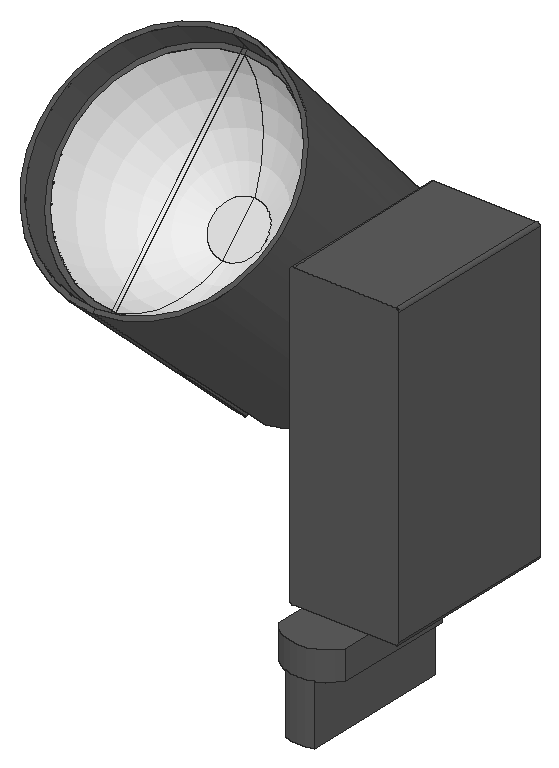
Revit family "0004846 Feilo Sylvania Lighting Fixture START TRACK SPOT L 55W 3K RA80 WB BLACK", category Lighting Fixtures, host Face, Revit 2017
Family settings
  Host = Face
  Round Connector Dimension = Use Diameter
  Part Type = Normal
  OmniClass Number = 23.80.70.00
  OmniClass Title = Lighting
  Cut with Voids When Loaded = No
  Light Source = No
  Shared = No
  Room Calculation Point = No
Parameters (values of type "0004846 START TRACK SPOT L 55W 3K RA80 WB BLACK")
  Weight = "1.398 kg"
  Wattage Comments = ""
  WarrantyStartDate [instance] = "n/a"
  WarrantyGuarantorParts = "n/a"
  WarrantyDurationUnit = "n/a"
  WarrantyDurationParts = "n/a"
  WarrantyDescription = "n/a"
  Voltage = 230 V
  URL = "http://www.sylvania-lighting.com"
  TypeName = "START TRACK SPOT L 55W 3K RA80 WB BLACK"
  TypeHead_FEILO = Start Track Spot Head : 0004846 START TRACK SPOT L 55W 3K RA80 WB BLACK
  TypeBox_FEILO = Start Track Spot Box : Type Large Black
  Type Image = <None>
  Type Comments = "n/a"
  VerticalRotation_FEILO [instance] = 0.00°
  SlideEndAngle_FEILO [instance] = VerticalRotation_FEILO + 180.00°  # 180.00°
  SerialNumber [instance] = "n/a"
  Material_3_FEILO = none
  PowerFactor = 0.96
  PowerConsumption = "55 W"
  NominalLength = 0 mm
  NominalHeight = 240 mm
  NominalDepth = 164 mm
  Name = "START TRACK SPOT L 55W 3K RA80 WB BLACK"
  ModelReference = Name  # "START TRACK SPOT L 55W 3K RA80 WB BLACK"
  ModelNumber = "0004846"
  Model = Name  # "START TRACK SPOT L 55W 3K RA80 WB BLACK"
  Material = "adc12 aluminium housing, polycarbonate diffuser"
  ManufacturerName = "Feilo Sylvania"
  Manufacturer = "Feilo Sylvania"
  LuminousEfficacy = "96 lm/W"
  LuminaireType = ""
  LightOutputRatio = "100"
  LampsType = Lamp  # "LED"
  LampNominalLuminous = "5298 lm"
  LampMacAdamStep = "3"
  LampColourTemperature = "3000 K"
  LampColourRenderingIndex = "80"
  Lamp = "LED"
  Keynote = "16500"
  InstallationDate [instance] = "n/a"
  InputVoltage = "230-240V~"
  InputNominalFrequency = "50/60 Hz"
  IngressProtection = "IP20"
  ImpactProtectionIndex = "IK02"
  IfcExportType = "IfcLightFixtureType"
  IfcExportAs = "IfcLightFixtureType"
  HorizontalRotation_FEILO [instance] = 45.00°
  ExpectedLife = 50000
  ElectricShockClassification = "Class II"
  DurationUnit = "hours"
  DocumentationLiterature = "http://www.sylvania-lighting.com/product/en-int/products/0004846"
  DimmingControlOptions = "Non dimmable"
  Material_2_FEILO = none
  Description = "Integrated LED spotlight, Textured Black - RAL9005, compact and minimalist design, ideal for retail applications, die-cast aluminium body, passive cooling heatsink. Beam angle: 52°, color temperature: 3000K , total system power: 55W, total fixture output: 5298 lm, LOR: 100%, colour rendering: Ra: 80 typical, LED Chromaticity: 3 step MacAdam ellipse, lifetime: >50000 hours at L70B50, energy class: A++, A+, A, IR/UV free light source without heat radiation, operating voltage: 220-240V / 50-60Hz, drive current: 1400mA, electronic driver, non-dimmable, power factor: 0.96, electrical protection: Class II, Global Track 3 Phase adapter suitable for Global trac 3-circuit tracks, ingress protection rating: IP20, suitable for internal environment only, horizontal rotation: 355°, vertical tilt: 90°, dimensions: Ø113x164x240, weight: 1.398kg."
  Default Elevation = 1219.2 mm
  CreatedOn = "12/12/2017"
  CreatedBy = ""
  Cost = 0
  built-in parameter 1114216 [instance] = (empty or 0)
  ClassificationValue = "EF_70_80"
  ClassificationName = "Uniclass2015"
  Material_1_FEILO = Body-Sylvania-StartTrackSpot-Black
  BarCode [instance] = "n/a"
  AssetType = "Fixed"
  AssetIdentifier [instance] = "n/a"
  Assembly Code = "D5020200"
  Apparent Load = 55 VA
  Material_4_FEILO = none
Reference planes
  plane 1 "Center (Front/Back)": y = 0
  plane 2: z = 0
  plane 3 "Center (Left/Right)": x = 0
  plane 4: x = 15
  plane 5: x = -15
  plane 6: y = 35
  plane 7: y = -35
  plane 8: z = 13
  plane 9: z = -27
  plane 10: x = 6.5
  plane 11: x = -6.5
  plane 12: y = 27
  plane 13: y = -27
  plane 14: y = 20
Forms (mm)
  Extrusion 1, solid, material "Body-Sylvania-StartTrackSpot-Black" <- "Material_1_FEILO"
    sketch origin (0, 0, 0) x (1, 0, 0) y (0, 1, 0)
      loop
        line (-15, 27) -> (-15, -27)
        arc (-15, -27) -> (0, -35) -> (15, -27) r 18.062
        line (15, -27) -> (15, 27)
        arc (15, 27) -> (0, 35) -> (-15, 27) r 18.062
    from 0 to 13
  Extrusion 2, solid, material "Body-Sylvania-StartTrackSpot-Black" <- "Material_1_FEILO"
    sketch origin (0, 0, 0) x (1, 0, 0) y (0, 1, 0)
      loop
        arc (6.5, 33.79) -> (0, 35) -> (-6.5, 33.79) r 18.062
        line (-6.5, 33.79) -> (-6.5, -33.79)
        arc (-6.5, -33.79) -> (0, -35) -> (6.5, -33.79) r 18.062
        line (6.5, -33.79) -> (6.5, 33.79)
    from 0 to -27
  Revolve 3, solid, not visible
    sketch origin (1524, 20, 1219.2) x (1, 0, 0) y (0, 0, 1)
      loop
        line (-1524, -1206.2) -> (-1524, -1191.285) -> (-1530.5, -1191.285) -> (-1530.5, -1206.2) -> (-1524, -1206.2)
      axis (-1524, -1191.285) -> (-1524, -1206.2)
    angle from 0 <- "VerticalRotation_FEILO" to 180 <- "SlideEndAngle_FEILO"
Cuts and joins
  joined: Extrusion 1, Extrusion 2
Dimensions and locks
  equal spacing: plane 10, plane 3 "Center (Left/Right)", plane 11
  equal spacing: plane 4, plane 3 "Center (Left/Right)", plane 5
  locked: plane 8 to plane 2 at 13
  locked: plane 8 to plane 9 at 40
  equal spacing: plane 13, plane 1 "Center (Front/Back)", plane 12
  locked: plane 12 to plane 6 at 8
  locked: plane 14 to plane 6 at 15
  locked: Revolve 3 sketch curve to plane 8 at 14.915
  aligned and locked: plane 2 to host face
  aligned and locked: level to host face
  aligned and locked: plane 5 to Extrusion 1 sketch curve  (x2)
  aligned and locked: plane 12 to Extrusion 1 sketch curve
  aligned and locked: plane 13 to Extrusion 1 sketch curve
  aligned and locked: plane 4 to Extrusion 1 sketch curve
  aligned and locked: Extrusion 1 to plane 8
  aligned and locked: Extrusion 1 to level
  aligned and locked: Extrusion 2 sketch curve to Extrusion 1  (x2)
  aligned and locked: Extrusion 2 sketch curve to plane 11
  aligned and locked: plane 10 to Extrusion 2 sketch curve
  aligned and locked: plane 9 to Extrusion 2
  aligned and locked: level to Extrusion 2
  aligned and locked: Revolve 3 sketch curve to plane 3 "Center (Left/Right)"  (x2)
  aligned and locked: plane 11 to Revolve 3 sketch curve
  aligned and locked: Revolve 3 sketch curve to plane 8
Automatic sketch dimensions
  host sketch curve to host sketch curve = 2438.4 mm  (x2)
  Extrusion 1 sketch curve to plane 3 "Center (Left/Right)" = 0 mm  (x2)
  Extrusion 1 sketch curve to plane 13 = 10.062 mm
  plane 12 to Extrusion 1 sketch curve = 10.062 mm
  Revolve 3 sketch curve to plane 3 "Center (Left/Right)" = 0 mm
  plane 9 to Revolve 3 sketch curve = 582.6 mm
  Revolve 3 sketch curve to Revolve 3 sketch curve = 2581.144 mm
Nested families
  nested 1: "Start Track Spot Head" at (-75.5, 20, 133) x (0, 0.7071, 0.7071) z (0, 0.7071, -0.7071), type <- "TypeHead_FEILO", type "0004846 START TRACK SPOT L 55W 3K RA80 WB BLACK"
    with built-in parameter 1114216 (empty or 0)
  nested 2: "Start Track Spot Box" at (8.5, 20, 85) x (-1, 0, 0) z (0, -1, 0), BoxStartAngle_FEILO <- "HorizontalRotation_FEILO", type <- "TypeBox_FEILO", type "Type Large Black"
    with BoxStartAngle_FEILO 45.00°, BoxEndAngle_FEILO -135.00°
Connectors
  electrical at (0, 0, 0), driven by "Apparent Load", driven by "PowerFactor", driven by "Voltage"
    settings: index 1, voltage 230 V, apparent load 55 VA, apparent load phase1 0 VA, apparent load phase2 0 VA, apparent load phase3 0 VA, power factor 0.96, load classification "Lighting", number of poles 1, system type 30, power factor state 1, is connector primary yes, connector utility no, sub classification motor no, connector description ""
Definition of nested family "Start Track Spot Head"
  Parameters (values of type "0004811 START TRACK SPOT S 14W 3K RA80 NB WHITE")
    Wattage Comments = "n/a"
    Wattage = 14 W
    built-in parameter 1150110 = 1 (stored number, unit not read)
    URL = "http://www.feilosylvania.com"
    Type Image = (empty or 0)
    Type Comments = "n/a"
    built-in parameter 1114217 = 1 (stored number, unit not read)
    Tilt Angle = -90.00°
    built-in parameter 1150109 = 1 (stored number, unit not read)
    built-in parameter 1150134 = (empty or 0)
    built-in parameter 1150113 = 1 (stored number, unit not read)
    Photometric Web File = "0004811.ies"
    Material_3_FEILO = none
    Model = "START TRACK SPOT S 14W 3K RA80 NB WHITE"
    Manufacturer = "Feilo Sylvania"
    built-in parameter 1150105 = 123.66 (stored number, unit not read)
    Lumens = 1554 lm
    built-in parameter 1150115 = 1 (stored number, unit not read)
    built-in parameter 1150137 = (empty or 0)
    built-in parameter 1150139 = (empty or 0)
    built-in parameter 1150112 = 1 (stored number, unit not read)
    built-in parameter 1150114 = 1 (stored number, unit not read)
    Lamp = "LED"
    Keynote = "16500"
    Material_2_FEILO = none
    built-in parameter 1150132 = (empty or 0)
    built-in parameter 1150102 = (empty or 0)
    built-in parameter 1150107 = 3000 (stored number, unit not read)
    built-in parameter 1150138 = (empty or 0)
    built-in parameter 1150106 = 1.2366 (stored number, unit not read)
    HeadThickness_FEILO = if(HeadDiaOut_FEILO > 112 mm, 2 mm, 1.5 mm)  # 1.5 mm
    HeadRibOffset_FEILO = HeadHeight_FEILO / 28  # 4.179 mm
    HeadRibDepth_FEILO = HeadHeight_FEILO / 2.1  # 55.714 mm
    HeadRibCutWidth_FEILO = HeadDiaOut_FEILO / 12  # 7.167 mm
    HeadRibCutOffset_FEILO = HeadHeight_FEILO / 2.3  # 50.87 mm
    HeadReflectorRadius_FEILO = HeadDiaOut_FEILO / 1.7  # 50.588 mm
    HeadReflectorOffset_FEILO = HeadHeight_FEILO / 2.1  # 55.714 mm
    HeadLEDRadius_FEILO = HeadDiaOut_FEILO / 9  # 9.556 mm
    HeadHeight_FEILO = 117 mm
    HeadDraft_FEILO = 1 mm
    HeadDiffusorThickness_FEILO = 3 mm
    HeadDiffusorOffset_FEILO = HeadHeight_FEILO / 12.4  # 9.435 mm
    HeadDiaOut_FEILO = 86 mm
    HeadDiaIn_FEILO = HeadDiaOut_FEILO / 1.11  # 77.477 mm
    HeadAxisFromTop_FEILO = HeadHeight_FEILO / 1.687  # 69.354 mm
    Emit from Circle Diameter = HeadDiaIn_FEILO  # 77.477 mm
    Emit Shape Visible in Rendering = no
    built-in parameter 1150104 = 10.312 (stored number, unit not read)
    Dimming Lamp Color Temperature Shift = (empty or 0)
    Description = "Integrated LED spotlight, Textured White - RAL9016, compact and minimalist design, ideal for retail applications, die-cast aluminium body, passive cooling heatsink. Beam angle: 12°, color temperature: 3000K , total system power: 14W, total fixture output: 1551 lm, LOR: 100%, colour rendering: Ra: 80 typical, LED Chromaticity: 3 step MacAdam ellipse, lifetime: >50000 hours at L70B50, energy class: A++, A+, A, IR/UV free light source without heat radiation, operating voltage: 220-240V / 50-60Hz, drive current: 350mA, electronic driver, non-dimmable, power factor: 0.92, electrical protection: Class II, Global Track 3 Phase adapter suitable for Global trac 3-circuit tracks, ingress protection rating: IP20, suitable for internal environment only, horizontal rotation: 355°, vertical tilt: 90°, dimensions: Ø86x140x200, weight: 0.940kg."
    Default Elevation = 1219.2 mm
    Cost = 0
    Color Filter = 16777215
    built-in parameter 1114216 [instance] = (empty or 0)
    Material_1_FEILO = none
    built-in parameter 1114218 = 1 (stored number, unit not read)
    built-in parameter 1150133 = 10 (stored number, unit not read)
    Assembly Code = "D5020200"
    Apparent Load = 14 VA
    Material_4_FEILO = none
  Types (96, lengths in mm): name | Wattage | built-in parameter 1150134 | Photometric Web File | Model | built-in parameter 1150105 | Lumens | built-in parameter 1150107 | built-in parameter 1150106 | HeadThickness_FEILO | HeadRibOffset_FEILO | HeadRibDepth_FEILO | HeadRibCutWidth_FEILO | HeadRibCutOffset_FEILO | HeadReflectorRadius_FEILO | HeadReflectorOffset_FEILO | HeadLEDRadius_FEILO | HeadHeight_FEILO | HeadDiffusorOffset_FEILO | HeadDiaOut_FEILO | HeadDiaIn_FEILO | HeadAxisFromTop_FEILO | Emit from Circle Diameter | built-in parameter 1150104 | Description | Apparent Load
    0004906 START TRACK SPOT L 55W 4K RA90 WB BLACK | 55 W | 12 | "0004906.ies" | "START TRACK SPOT L 55W 4K RA90 WB BLACK" | 385.15 (stored number, unit not read) | 4840 lm | 4000 (stored number, unit not read) | 3.8515 (stored number, unit not read) | 2 | 4.429 | 59.048 | 9.417 | 53.913 | 66.471 | 59.048 | 12.556 | 124 | 10 | 113 | 101.802 | 73.503 | 101.802 | 8.1755 (stored number, unit not read) | "Integrated LED spotlight, Textured Black - RAL9005, compact and minimalist design, ideal for retail applications, die-cast aluminium body, passive cooling heatsink. Beam angle: 52°, color temperature: 4000K , total system power: 55W, total fixture output: 4824 lm, LOR: 100%, colour rendering: Ra: 90 typical, LED Chromaticity: 3 step MacAdam ellipse, lifetime: >50000 hours at L70B50, energy class: A++, A+, A, IR/UV free light source without heat radiation, operating voltage: 220-240V / 50-60Hz, drive current: 1400mA, electronic driver, non-dimmable, power factor: 0.96, electrical protection: Class II, Global Track 3 Phase adapter suitable for Global trac 3-circuit tracks, ingress protection rating: IP20, suitable for internal environment only, horizontal rotation: 355°, vertical tilt: 90°, dimensions: Ø113x164x240, weight: 1.398kg." | 55 VA
    0004905 START TRACK SPOT L 55W 4K RA90 MB BLACK | 55 W | 12 | "0004905.ies" | "START TRACK SPOT L 55W 4K RA90 MB BLACK" | 389.53 (stored number, unit not read) | 4895 lm | 4000 (stored number, unit not read) | 3.8953 (stored number, unit not read) | 2 | 4.429 | 59.048 | 9.417 | 53.913 | 66.471 | 59.048 | 12.556 | 124 | 10 | 113 | 101.802 | 73.503 | 101.802 | 8.2684 (stored number, unit not read) | "Integrated LED spotlight, Textured Black - RAL9005, compact and minimalist design, ideal for retail applications, die-cast aluminium body, passive cooling heatsink. Beam angle: 38°, color temperature: 4000K , total system power: 55W, total fixture output: 4897 lm, LOR: 100%, colour rendering: Ra: 90 typical, LED Chromaticity: 3 step MacAdam ellipse, lifetime: >50000 hours at L70B50, energy class: A++, A+, A, IR/UV free light source without heat radiation, operating voltage: 220-240V / 50-60Hz, drive current: 1400mA, electronic driver, non-dimmable, power factor: 0.96, electrical protection: Class II, Global Track 3 Phase adapter suitable for Global trac 3-circuit tracks, ingress protection rating: IP20, suitable for internal environment only, horizontal rotation: 355°, vertical tilt: 90°, dimensions: Ø113x164x240, weight: 1.398kg." | 55 VA
    0004904 START TRACK SPOT L 55W 4K RA90 NB BLACK | 55 W | 12 | "0004904.ies" | "START TRACK SPOT L 55W 4K RA90 NB BLACK" | 393.91 (stored number, unit not read) | 4950 lm | 4000 (stored number, unit not read) | 3.9391 (stored number, unit not read) | 2 | 4.429 | 59.048 | 9.417 | 53.913 | 66.471 | 59.048 | 12.556 | 124 | 10 | 113 | 101.802 | 73.503 | 101.802 | 8.3613 (stored number, unit not read) | "Integrated LED spotlight, Textured Black - RAL9005, compact and minimalist design, ideal for retail applications, die-cast aluminium body, passive cooling heatsink. Beam angle: 15°, color temperature: 4000K , total system power: 55W, total fixture output: 4965 lm, LOR: 100%, colour rendering: Ra: 90 typical, LED Chromaticity: 3 step MacAdam ellipse, lifetime: >50000 hours at L70B50, energy class: A++, A+, A, IR/UV free light source without heat radiation, operating voltage: 220-240V / 50-60Hz, drive current: 1400mA, electronic driver, non-dimmable, power factor: 0.96, electrical protection: Class II, Global Track 3 Phase adapter suitable for Global trac 3-circuit tracks, ingress protection rating: IP20, suitable for internal environment only, horizontal rotation: 355°, vertical tilt: 90°, dimensions: Ø113x164x240, weight: 1.398kg." | 55 VA
    0004903 START TRACK SPOT L 35W 4K RA90 WB BLACK | 35 W | 12 | "0004903.ies" | "START TRACK SPOT L 35W 4K RA90 WB BLACK" | 284.09 (stored number, unit not read) | 3570 lm | 4000 (stored number, unit not read) | 2.8409 (stored number, unit not read) | 2 | 4.429 | 59.048 | 9.417 | 53.913 | 66.471 | 59.048 | 12.556 | 124 | 10 | 113 | 101.802 | 73.503 | 101.802 | 9.4761 (stored number, unit not read) | "Integrated LED spotlight, Textured Black - RAL9005, compact and minimalist design, ideal for retail applications, die-cast aluminium body, passive cooling heatsink. Beam angle: 52°, color temperature: 4000K , total system power: 35W, total fixture output: 3562 lm, LOR: 100%, colour rendering: Ra: 90 typical, LED Chromaticity: 3 step MacAdam ellipse, lifetime: >50000 hours at L70B50, energy class: A++, A+, A, IR/UV free light source without heat radiation, operating voltage: 220-240V / 50-60Hz, drive current: 900mA, electronic driver, non-dimmable, power factor: 0.93, electrical protection: Class II, Global Track 3 Phase adapter suitable for Global trac 3-circuit tracks, ingress protection rating: IP20, suitable for internal environment only, horizontal rotation: 355°, vertical tilt: 90°, dimensions: Ø113x164x240, weight: 1.368kg." | 35 VA
    0004902 START TRACK SPOT L 35W 4K RA90 MB BLACK | 35 W | 12 | "0004902.ies" | "START TRACK SPOT L 35W 4K RA90 MB BLACK" | 286.88 (stored number, unit not read) | 3605 lm | 4000 (stored number, unit not read) | 2.8688 (stored number, unit not read) | 2 | 4.429 | 59.048 | 9.417 | 53.913 | 66.471 | 59.048 | 12.556 | 124 | 10 | 113 | 101.802 | 73.503 | 101.802 | 9.569 (stored number, unit not read) | "Integrated LED spotlight, Textured Black - RAL9005, compact and minimalist design, ideal for retail applications, die-cast aluminium body, passive cooling heatsink. Beam angle: 38°, color temperature: 4000K , total system power: 35W, total fixture output: 3616 lm, LOR: 100%, colour rendering: Ra: 90 typical, LED Chromaticity: 3 step MacAdam ellipse, lifetime: >50000 hours at L70B50, energy class: A++, A+, A, IR/UV free light source without heat radiation, operating voltage: 220-240V / 50-60Hz, drive current: 900mA, electronic driver, non-dimmable, power factor: 0.93, electrical protection: Class II, Global Track 3 Phase adapter suitable for Global trac 3-circuit tracks, ingress protection rating: IP20, suitable for internal environment only, horizontal rotation: 355°, vertical tilt: 90°, dimensions: Ø113x164x240, weight: 1.368kg." | 35 VA
    0004901 START TRACK SPOT L 35W 4K RA90 NB BLACK | 35 W | 12 | "0004901.ies" | "START TRACK SPOT L 35W 4K RA90 NB BLACK" | 286.88 (stored number, unit not read) | 3605 lm | 4000 (stored number, unit not read) | 2.8688 (stored number, unit not read) | 2 | 4.429 | 59.048 | 9.417 | 53.913 | 66.471 | 59.048 | 12.556 | 124 | 10 | 113 | 101.802 | 73.503 | 101.802 | 9.569 (stored number, unit not read) | "Integrated LED spotlight, Textured Black - RAL9005, compact and minimalist design, ideal for retail applications, die-cast aluminium body, passive cooling heatsink. Beam angle: 15°, color temperature: 4000K , total system power: 35W, total fixture output: 3593 lm, LOR: 100%, colour rendering: Ra: 90 typical, LED Chromaticity: 3 step MacAdam ellipse, lifetime: >50000 hours at L70B50, energy class: A++, A+, A, IR/UV free light source without heat radiation, operating voltage: 220-240V / 50-60Hz, drive current: 900mA, electronic driver, non-dimmable, power factor: 0.93, electrical protection: Class II, Global Track 3 Phase adapter suitable for Global trac 3-circuit tracks, ingress protection rating: IP20, suitable for internal environment only, horizontal rotation: 355°, vertical tilt: 90°, dimensions: Ø113x164x240, weight: 1.368kg." | 35 VA
    0004900 START TRACK SPOT S 24W 4K RA90 WB BLACK | 24 W | 12 | "0004900.ies" | "START TRACK SPOT S 24W 4K RA90 WB BLACK" | 166.16 (stored number, unit not read) | 2088 lm | 4000 (stored number, unit not read) | 1.6616 (stored number, unit not read) | 1.5 | 4.179 | 55.714 | 7.167 | 50.87 | 50.588 | 55.714 | 9.556 | 117 | 9.435 | 86 | 77.477 | 69.354 | 77.477 | 8.0826 (stored number, unit not read) | "Integrated LED spotlight, Textured Black - RAL9005, compact and minimalist design, ideal for retail applications, die-cast aluminium body, passive cooling heatsink. Beam angle: 64°, color temperature: 4000K , total system power: 24W, total fixture output: 2087 lm, LOR: 100%, colour rendering: Ra: 90 typical, LED Chromaticity: 3 step MacAdam ellipse, lifetime: >50000 hours at L70B50, energy class: A++, A+, A, IR/UV free light source without heat radiation, operating voltage: 220-240V / 50-60Hz, drive current: 600mA, electronic driver, non-dimmable, power factor: 0.95, electrical protection: Class II, Global Track 3 Phase adapter suitable for Global trac 3-circuit tracks, ingress protection rating: IP20, suitable for internal environment only, horizontal rotation: 355°, vertical tilt: 90°, dimensions: Ø86x140x200, weight: 0.966kg." | 24 VA
    0004899 START TRACK SPOT S 24W 4K RA90 MB BLACK | 24 W | 12 | "0004899.ies" | "START TRACK SPOT S 24W 4K RA90 MB BLACK" | 169.98 (stored number, unit not read) | 2136 lm | 4000 (stored number, unit not read) | 1.6998 (stored number, unit not read) | 1.5 | 4.179 | 55.714 | 7.167 | 50.87 | 50.588 | 55.714 | 9.556 | 117 | 9.435 | 86 | 77.477 | 69.354 | 77.477 | 8.2684 (stored number, unit not read) | "Integrated LED spotlight, Textured Black - RAL9005, compact and minimalist design, ideal for retail applications, die-cast aluminium body, passive cooling heatsink. Beam angle: 36°, color temperature: 4000K , total system power: 24W, total fixture output: 2141 lm, LOR: 100%, colour rendering: Ra: 90 typical, LED Chromaticity: 3 step MacAdam ellipse, lifetime: >50000 hours at L70B50, energy class: A++, A+, A, IR/UV free light source without heat radiation, operating voltage: 220-240V / 50-60Hz, drive current: 600mA, electronic driver, non-dimmable, power factor: 0.95, electrical protection: Class II, Global Track 3 Phase adapter suitable for Global trac 3-circuit tracks, ingress protection rating: IP20, suitable for internal environment only, horizontal rotation: 355°, vertical tilt: 90°, dimensions: Ø86x140x200, weight: 0.966kg." | 24 VA
    0004898 START TRACK SPOT S 24W 4K RA90 NB BLACK | 24 W | 12 | "0004898.ies" | "START TRACK SPOT S 24W 4K RA90 NB BLACK" | 171.89 (stored number, unit not read) | 2160 lm | 4000 (stored number, unit not read) | 1.7189 (stored number, unit not read) | 1.5 | 4.179 | 55.714 | 7.167 | 50.87 | 50.588 | 55.714 | 9.556 | 117 | 9.435 | 86 | 77.477 | 69.354 | 77.477 | 8.3613 (stored number, unit not read) | "Integrated LED spotlight, Textured Black - RAL9005, compact and minimalist design, ideal for retail applications, die-cast aluminium body, passive cooling heatsink. Beam angle: 12°, color temperature: 4000K , total system power: 24W, total fixture output: 2155 lm, LOR: 100%, colour rendering: Ra: 90 typical, LED Chromaticity: 3 step MacAdam ellipse, lifetime: >50000 hours at L70B50, energy class: A++, A+, A, IR/UV free light source without heat radiation, operating voltage: 220-240V / 50-60Hz, drive current: 600mA, electronic driver, non-dimmable, power factor: 0.95, electrical protection: Class II, Global Track 3 Phase adapter suitable for Global trac 3-circuit tracks, ingress protection rating: IP20, suitable for internal environment only, horizontal rotation: 355°, vertical tilt: 90°, dimensions: Ø86x140x200, weight: 0.966kg." | 24 VA
    0004897 START TRACK SPOT S 14W 4K RA90 WB BLACK | 14 W | 12 | "0004897.ies" | "START TRACK SPOT S 14W 4K RA90 WB BLACK" | 108.07 (stored number, unit not read) | 1358 lm | 4000 (stored number, unit not read) | 1.0807 (stored number, unit not read) | 1.5 | 4.179 | 55.714 | 7.167 | 50.87 | 50.588 | 55.714 | 9.556 | 117 | 9.435 | 86 | 77.477 | 69.354 | 77.477 | 9.0116 (stored number, unit not read) | "Integrated LED spotlight, Textured Black - RAL9005, compact and minimalist design, ideal for retail applications, die-cast aluminium body, passive cooling heatsink. Beam angle: 64°, color temperature: 4000K , total system power: 14W, total fixture output: 1352 lm, LOR: 100%, colour rendering: Ra: 90 typical, LED Chromaticity: 3 step MacAdam ellipse, lifetime: >50000 hours at L70B50, energy class: A++, A+, A, IR/UV free light source without heat radiation, operating voltage: 220-240V / 50-60Hz, drive current: 350mA, electronic driver, non-dimmable, power factor: 0.92, electrical protection: Class II, Global Track 3 Phase adapter suitable for Global trac 3-circuit tracks, ingress protection rating: IP20, suitable for internal environment only, horizontal rotation: 355°, vertical tilt: 90°, dimensions: Ø86x140x200, weight: 0.940kg." | 14 VA
    0004896 START TRACK SPOT S 14W 4K RA90 MB BLACK | 14 W | 12 | "0004896.ies" | "START TRACK SPOT S 14W 4K RA90 MB BLACK" | 108.07 (stored number, unit not read) | 1358 lm | 4000 (stored number, unit not read) | 1.0807 (stored number, unit not read) | 1.5 | 4.179 | 55.714 | 7.167 | 50.87 | 50.588 | 55.714 | 9.556 | 117 | 9.435 | 86 | 77.477 | 69.354 | 77.477 | 9.0116 (stored number, unit not read) | "Integrated LED spotlight, Textured Black - RAL9005, compact and minimalist design, ideal for retail applications, die-cast aluminium body, passive cooling heatsink. Beam angle: 36°, color temperature: 4000K , total system power: 14W, total fixture output: 1359 lm, LOR: 100%, colour rendering: Ra: 90 typical, LED Chromaticity: 3 step MacAdam ellipse, lifetime: >50000 hours at L70B50, energy class: A++, A+, A, IR/UV free light source without heat radiation, operating voltage: 220-240V / 50-60Hz, drive current: 350mA, electronic driver, non-dimmable, power factor: 0.92, electrical protection: Class II, Global Track 3 Phase adapter suitable for Global trac 3-circuit tracks, ingress protection rating: IP20, suitable for internal environment only, horizontal rotation: 355°, vertical tilt: 90°, dimensions: Ø86x140x200, weight: 0.940kg." | 14 VA
    0004895 START TRACK SPOT S 14W 4K RA90 NB BLACK | 14 W | 12 | "0004895.ies" | "START TRACK SPOT S 14W 4K RA90 NB BLACK" | 106.95 (stored number, unit not read) | 1344 lm | 4000 (stored number, unit not read) | 1.0695 (stored number, unit not read) | 1.5 | 4.179 | 55.714 | 7.167 | 50.87 | 50.588 | 55.714 | 9.556 | 117 | 9.435 | 86 | 77.477 | 69.354 | 77.477 | 8.9187 (stored number, unit not read) | "Integrated LED spotlight, Textured Black - RAL9005, compact and minimalist design, ideal for retail applications, die-cast aluminium body, passive cooling heatsink. Beam angle: 12°, color temperature: 4000K , total system power: 14W, total fixture output: 1349 lm, LOR: 100%, colour rendering: Ra: 90 typical, LED Chromaticity: 3 step MacAdam ellipse, lifetime: >50000 hours at L70B50, energy class: A++, A+, A, IR/UV free light source without heat radiation, operating voltage: 220-240V / 50-60Hz, drive current: 350mA, electronic driver, non-dimmable, power factor: 0.92, electrical protection: Class II, Global Track 3 Phase adapter suitable for Global trac 3-circuit tracks, ingress protection rating: IP20, suitable for internal environment only, horizontal rotation: 355°, vertical tilt: 90°, dimensions: Ø86x140x200, weight: 0.940kg." | 14 VA
    0004894 START TRACK SPOT L 55W 3K RA90 WB BLACK | 55 W | (empty or 0) | "0004894.ies" | "START TRACK SPOT L 55W 3K RA90 WB BLACK" | 350.14 (stored number, unit not read) | 4400 lm | 3000 (stored number, unit not read) | 3.5014 (stored number, unit not read) | 2 | 4.429 | 59.048 | 9.417 | 53.913 | 66.471 | 59.048 | 12.556 | 124 | 10 | 113 | 101.802 | 73.503 | 101.802 | 7.4322 (stored number, unit not read) | "Integrated LED spotlight, Textured Black - RAL9005, compact and minimalist design, ideal for retail applications, die-cast aluminium body, passive cooling heatsink. Beam angle: 52°, color temperature: 3000K , total system power: 55W, total fixture output: 4405 lm, LOR: 100%, colour rendering: Ra: 90 typical, LED Chromaticity: 3 step MacAdam ellipse, lifetime: >50000 hours at L70B50, energy class: A++, A+, A, IR/UV free light source without heat radiation, operating voltage: 220-240V / 50-60Hz, drive current: 1400mA, electronic driver, non-dimmable, power factor: 0.96, electrical protection: Class II, Global Track 3 Phase adapter suitable for Global trac 3-circuit tracks, ingress protection rating: IP20, suitable for internal environment only, horizontal rotation: 355°, vertical tilt: 90°, dimensions: Ø113x164x240, weight: 1.398kg." | 55 VA
    0004893 START TRACK SPOT L 55W 3K RA90 MB BLACK | 55 W | (empty or 0) | "0004893.ies" | "START TRACK SPOT L 55W 3K RA90 MB BLACK" | 354.52 (stored number, unit not read) | 4455 lm | 3000 (stored number, unit not read) | 3.5452 (stored number, unit not read) | 2 | 4.429 | 59.048 | 9.417 | 53.913 | 66.471 | 59.048 | 12.556 | 124 | 10 | 113 | 101.802 | 73.503 | 101.802 | 7.5251 (stored number, unit not read) | "Integrated LED spotlight, Textured Black - RAL9005, compact and minimalist design, ideal for retail applications, die-cast aluminium body, passive cooling heatsink. Beam angle: 38°, color temperature: 3000K , total system power: 55W, total fixture output: 4448 lm, LOR: 100%, colour rendering: Ra: 90 typical, LED Chromaticity: 3 step MacAdam ellipse, lifetime: >50000 hours at L70B50, energy class: A++, A+, A, IR/UV free light source without heat radiation, operating voltage: 220-240V / 50-60Hz, drive current: 1400mA, electronic driver, non-dimmable, power factor: 0.96, electrical protection: Class II, Global Track 3 Phase adapter suitable for Global trac 3-circuit tracks, ingress protection rating: IP20, suitable for internal environment only, horizontal rotation: 355°, vertical tilt: 90°, dimensions: Ø113x164x240, weight: 1.398kg." | 55 VA
    0004892 START TRACK SPOT L 55W 3K RA90 NB BLACK | 55 W | (empty or 0) | "0004892.ies" | "START TRACK SPOT L 55W 3K RA90 NB BLACK" | 350.14 (stored number, unit not read) | 4400 lm | 3000 (stored number, unit not read) | 3.5014 (stored number, unit not read) | 2 | 4.429 | 59.048 | 9.417 | 53.913 | 66.471 | 59.048 | 12.556 | 124 | 10 | 113 | 101.802 | 73.503 | 101.802 | 7.4322 (stored number, unit not read) | "Integrated LED spotlight, Textured Black - RAL9005, compact and minimalist design, ideal for retail applications, die-cast aluminium body, passive cooling heatsink. Beam angle: 15°, color temperature: 3000K , total system power: 55W, total fixture output: 4416 lm, LOR: 100%, colour rendering: Ra: 90 typical, LED Chromaticity: 3 step MacAdam ellipse, lifetime: >50000 hours at L70B50, energy class: A++, A+, A, IR/UV free light source without heat radiation, operating voltage: 220-240V / 50-60Hz, drive current: 1400mA, electronic driver, non-dimmable, power factor: 0.96, electrical protection: Class II, Global Track 3 Phase adapter suitable for Global trac 3-circuit tracks, ingress protection rating: IP20, suitable for internal environment only, horizontal rotation: 355°, vertical tilt: 90°, dimensions: Ø113x164x240, weight: 1.398kg." | 55 VA
    0004891 START TRACK SPOT L 35W 3K RA90 WB BLACK | 35 W | (empty or 0) | "0004891.ies" | "START TRACK SPOT L 35W 3K RA90 WB BLACK" | 259.02 (stored number, unit not read) | 3255 lm | 3000 (stored number, unit not read) | 2.5902 (stored number, unit not read) | 2 | 4.429 | 59.048 | 9.417 | 53.913 | 66.471 | 59.048 | 12.556 | 124 | 10 | 113 | 101.802 | 73.503 | 101.802 | 8.64 (stored number, unit not read) | "Integrated LED spotlight, Textured Black - RAL9005, compact and minimalist design, ideal for retail applications, die-cast aluminium body, passive cooling heatsink. Beam angle: 52°, color temperature: 3000K , total system power: 35W, total fixture output: 3260 lm, LOR: 100%, colour rendering: Ra: 90 typical, LED Chromaticity: 3 step MacAdam ellipse, lifetime: >50000 hours at L70B50, energy class: A++, A+, A, IR/UV free light source without heat radiation, operating voltage: 220-240V / 50-60Hz, drive current: 900mA, electronic driver, non-dimmable, power factor: 0.93, electrical protection: Class II, Global Track 3 Phase adapter suitable for Global trac 3-circuit tracks, ingress protection rating: IP20, suitable for internal environment only, horizontal rotation: 355°, vertical tilt: 90°, dimensions: Ø113x164x240, weight: 1.368kg." | 35 VA
    0004890 START TRACK SPOT L 35W 3K RA90 MB BLACK | 35 W | (empty or 0) | "0004890.ies" | "START TRACK SPOT L 35W 3K RA90 MB BLACK" | 261.81 (stored number, unit not read) | 3290 lm | 3000 (stored number, unit not read) | 2.6181 (stored number, unit not read) | 2 | 4.429 | 59.048 | 9.417 | 53.913 | 66.471 | 59.048 | 12.556 | 124 | 10 | 113 | 101.802 | 73.503 | 101.802 | 8.7329 (stored number, unit not read) | "Integrated LED spotlight, Textured Black - RAL9005, compact and minimalist design, ideal for retail applications, die-cast aluminium body, passive cooling heatsink. Beam angle: 38°, color temperature: 3000K , total system power: 35W, total fixture output: 3306 lm, LOR: 100%, colour rendering: Ra: 90 typical, LED Chromaticity: 3 step MacAdam ellipse, lifetime: >50000 hours at L70B50, energy class: A++, A+, A, IR/UV free light source without heat radiation, operating voltage: 220-240V / 50-60Hz, drive current: 900mA, electronic driver, non-dimmable, power factor: 0.93, electrical protection: Class II, Global Track 3 Phase adapter suitable for Global trac 3-circuit tracks, ingress protection rating: IP20, suitable for internal environment only, horizontal rotation: 355°, vertical tilt: 90°, dimensions: Ø113x164x240, weight: 1.368kg." | 35 VA
    0004889 START TRACK SPOT L 35W 3K RA90 NB BLACK | 35 W | (empty or 0) | "0004889.ies" | "START TRACK SPOT L 35W 3K RA90 NB BLACK" | 261.81 (stored number, unit not read) | 3290 lm | 3000 (stored number, unit not read) | 2.6181 (stored number, unit not read) | 2 | 4.429 | 59.048 | 9.417 | 53.913 | 66.471 | 59.048 | 12.556 | 124 | 10 | 113 | 101.802 | 73.503 | 101.802 | 8.7329 (stored number, unit not read) | "Integrated LED spotlight, Textured Black - RAL9005, compact and minimalist design, ideal for retail applications, die-cast aluminium body, passive cooling heatsink. Beam angle: 15°, color temperature: 3000K , total system power: 35W, total fixture output: 3287 lm, LOR: 100%, colour rendering: Ra: 90 typical, LED Chromaticity: 3 step MacAdam ellipse, lifetime: >50000 hours at L70B50, energy class: A++, A+, A, IR/UV free light source without heat radiation, operating voltage: 220-240V / 50-60Hz, drive current: 900mA, electronic driver, non-dimmable, power factor: 0.93, electrical protection: Class II, Global Track 3 Phase adapter suitable for Global trac 3-circuit tracks, ingress protection rating: IP20, suitable for internal environment only, horizontal rotation: 355°, vertical tilt: 90°, dimensions: Ø113x164x240, weight: 1.368kg." | 35 VA
    0004888 START TRACK SPOT S 24W 3K RA90 WB BLACK | 24 W | (empty or 0) | "0004888.ies" | "START TRACK SPOT S 24W 3K RA90 WB BLACK" | 152.79 (stored number, unit not read) | 1920 lm | 3000 (stored number, unit not read) | 1.5279 (stored number, unit not read) | 1.5 | 4.179 | 55.714 | 7.167 | 50.87 | 50.588 | 55.714 | 9.556 | 117 | 9.435 | 86 | 77.477 | 69.354 | 77.477 | 7.4322 (stored number, unit not read) | "Integrated LED spotlight, Textured Black - RAL9005, compact and minimalist design, ideal for retail applications, die-cast aluminium body, passive cooling heatsink. Beam angle: 64°, color temperature: 3000K , total system power: 24W, total fixture output: 1928 lm, LOR: 100%, colour rendering: Ra: 90 typical, LED Chromaticity: 3 step MacAdam ellipse, lifetime: >50000 hours at L70B50, energy class: A++, A+, A, IR/UV free light source without heat radiation, operating voltage: 220-240V / 50-60Hz, drive current: 600mA, electronic driver, non-dimmable, power factor: 0.95, electrical protection: Class II, Global Track 3 Phase adapter suitable for Global trac 3-circuit tracks, ingress protection rating: IP20, suitable for internal environment only, horizontal rotation: 355°, vertical tilt: 90°, dimensions: Ø86x140x200, weight: 0.966kg." | 24 VA
    0004887 START TRACK SPOT S 24W 3K RA90 MB BLACK | 24 W | (empty or 0) | "0004887.ies" | "START TRACK SPOT S 24W 3K RA90 MB BLACK" | 154.7 (stored number, unit not read) | 1944 lm | 3000 (stored number, unit not read) | 1.547 (stored number, unit not read) | 1.5 | 4.179 | 55.714 | 7.167 | 50.87 | 50.588 | 55.714 | 9.556 | 117 | 9.435 | 86 | 77.477 | 69.354 | 77.477 | 7.5251 (stored number, unit not read) | "Integrated LED spotlight, Textured Black - RAL9005, compact and minimalist design, ideal for retail applications, die-cast aluminium body, passive cooling heatsink. Beam angle: 36°, color temperature: 3000K , total system power: 24W, total fixture output: 1944 lm, LOR: 100%, colour rendering: Ra: 90 typical, LED Chromaticity: 3 step MacAdam ellipse, lifetime: >50000 hours at L70B50, energy class: A++, A+, A, IR/UV free light source without heat radiation, operating voltage: 220-240V / 50-60Hz, drive current: 600mA, electronic driver, non-dimmable, power factor: 0.95, electrical protection: Class II, Global Track 3 Phase adapter suitable for Global trac 3-circuit tracks, ingress protection rating: IP20, suitable for internal environment only, horizontal rotation: 355°, vertical tilt: 90°, dimensions: Ø86x140x200, weight: 0.966kg." | 24 VA
    0004886 START TRACK SPOT S 24W 3K RA90 NB BLACK | 24 W | (empty or 0) | "0004886.ies" | "START TRACK SPOT S 24W 3K RA90 NB BLACK" | 158.52 (stored number, unit not read) | 1992 lm | 3000 (stored number, unit not read) | 1.5852 (stored number, unit not read) | 1.5 | 4.179 | 55.714 | 7.167 | 50.87 | 50.588 | 55.714 | 9.556 | 117 | 9.435 | 86 | 77.477 | 69.354 | 77.477 | 7.711 (stored number, unit not read) | "Integrated LED spotlight, Textured Black - RAL9005, compact and minimalist design, ideal for retail applications, die-cast aluminium body, passive cooling heatsink. Beam angle: 12°, color temperature: 3000K , total system power: 24W, total fixture output: 1987 lm, LOR: 100%, colour rendering: Ra: 90 typical, LED Chromaticity: 3 step MacAdam ellipse, lifetime: >50000 hours at L70B50, energy class: A++, A+, A, IR/UV free light source without heat radiation, operating voltage: 220-240V / 50-60Hz, drive current: 600mA, electronic driver, non-dimmable, power factor: 0.95, electrical protection: Class II, Global Track 3 Phase adapter suitable for Global trac 3-circuit tracks, ingress protection rating: IP20, suitable for internal environment only, horizontal rotation: 355°, vertical tilt: 90°, dimensions: Ø86x140x200, weight: 0.966kg." | 24 VA
    0004885 START TRACK SPOT S 14W 3K RA90 WB BLACK | 14 W | (empty or 0) | "0004885.ies" | "START TRACK SPOT S 14W 3K RA90 WB BLACK" | 100.27 (stored number, unit not read) | 1260 lm | 3000 (stored number, unit not read) | 1.0027 (stored number, unit not read) | 1.5 | 4.179 | 55.714 | 7.167 | 50.87 | 50.588 | 55.714 | 9.556 | 117 | 9.435 | 86 | 77.477 | 69.354 | 77.477 | 8.3613 (stored number, unit not read) | "Integrated LED spotlight, Textured Black - RAL9005, compact and minimalist design, ideal for retail applications, die-cast aluminium body, passive cooling heatsink. Beam angle: 64°, color temperature: 3000K , total system power: 14W, total fixture output: 1262 lm, LOR: 100%, colour rendering: Ra: 90 typical, LED Chromaticity: 3 step MacAdam ellipse, lifetime: >50000 hours at L70B50, energy class: A++, A+, A, IR/UV free light source without heat radiation, operating voltage: 220-240V / 50-60Hz, drive current: 350mA, electronic driver, non-dimmable, power factor: 0.92, electrical protection: Class II, Global Track 3 Phase adapter suitable for Global trac 3-circuit tracks, ingress protection rating: IP20, suitable for internal environment only, horizontal rotation: 355°, vertical tilt: 90°, dimensions: Ø86x140x200, weight: 0.940kg." | 14 VA
    0004884 START TRACK SPOT S 14W 3K RA90 MB BLACK | 14 W | (empty or 0) | "0004884.ies" | "START TRACK SPOT S 14W 3K RA90 MB BLACK" | 100.27 (stored number, unit not read) | 1260 lm | 3000 (stored number, unit not read) | 1.0027 (stored number, unit not read) | 1.5 | 4.179 | 55.714 | 7.167 | 50.87 | 50.588 | 55.714 | 9.556 | 117 | 9.435 | 86 | 77.477 | 69.354 | 77.477 | 8.3613 (stored number, unit not read) | "Integrated LED spotlight, Textured Black - RAL9005, compact and minimalist design, ideal for retail applications, die-cast aluminium body, passive cooling heatsink. Beam angle: 36°, color temperature: 3000K , total system power: 14W, total fixture output: 1262 lm, LOR: 100%, colour rendering: Ra: 90 typical, LED Chromaticity: 3 step MacAdam ellipse, lifetime: >50000 hours at L70B50, energy class: A++, A+, A, IR/UV free light source without heat radiation, operating voltage: 220-240V / 50-60Hz, drive current: 350mA, electronic driver, non-dimmable, power factor: 0.92, electrical protection: Class II, Global Track 3 Phase adapter suitable for Global trac 3-circuit tracks, ingress protection rating: IP20, suitable for internal environment only, horizontal rotation: 355°, vertical tilt: 90°, dimensions: Ø86x140x200, weight: 0.940kg." | 14 VA
    0004883 START TRACK SPOT S 14W 3K RA90 NB BLACK | 14 W | (empty or 0) | "0004883.ies" | "START TRACK SPOT S 14W 3K RA90 NB BLACK" | 102.5 (stored number, unit not read) | 1288 lm | 3000 (stored number, unit not read) | 1.025 (stored number, unit not read) | 1.5 | 4.179 | 55.714 | 7.167 | 50.87 | 50.588 | 55.714 | 9.556 | 117 | 9.435 | 86 | 77.477 | 69.354 | 77.477 | 8.5471 (stored number, unit not read) | "Integrated LED spotlight, Textured Black - RAL9005, compact and minimalist design, ideal for retail applications, die-cast aluminium body, passive cooling heatsink. Beam angle: 12°, color temperature: 3000K , total system power: 14W, total fixture output: 1284 lm, LOR: 100%, colour rendering: Ra: 90 typical, LED Chromaticity: 3 step MacAdam ellipse, lifetime: >50000 hours at L70B50, energy class: A++, A+, A, IR/UV free light source without heat radiation, operating voltage: 220-240V / 50-60Hz, drive current: 350mA, electronic driver, non-dimmable, power factor: 0.92, electrical protection: Class II, Global Track 3 Phase adapter suitable for Global trac 3-circuit tracks, ingress protection rating: IP20, suitable for internal environment only, horizontal rotation: 355°, vertical tilt: 90°, dimensions: Ø86x140x200, weight: 0.940kg." | 14 VA
    0004882 START TRACK SPOT L 55W 4K RA90 WB WHITE | 55 W | 12 | "0004882.ies" | "START TRACK SPOT L 55W 4K RA90 WB WHITE" | 385.15 (stored number, unit not read) | 4840 lm | 4000 (stored number, unit not read) | 3.8515 (stored number, unit not read) | 2 | 4.429 | 59.048 | 9.417 | 53.913 | 66.471 | 59.048 | 12.556 | 124 | 10 | 113 | 101.802 | 73.503 | 101.802 | 8.1755 (stored number, unit not read) | "Integrated LED spotlight, Textured White - RAL9016, compact and minimalist design, ideal for retail applications, die-cast aluminium body, passive cooling heatsink. Beam angle: 52°, color temperature: 4000K , total system power: 55W, total fixture output: 4824 lm, LOR: 100%, colour rendering: Ra: 90 typical, LED Chromaticity: 3 step MacAdam ellipse, lifetime: >50000 hours at L70B50, energy class: A++, A+, A, IR/UV free light source without heat radiation, operating voltage: 220-240V / 50-60Hz, drive current: 1400mA, electronic driver, non-dimmable, power factor: 0.96, electrical protection: Class II, Global Track 3 Phase adapter suitable for Global trac 3-circuit tracks, ingress protection rating: IP20, suitable for internal environment only, horizontal rotation: 355°, vertical tilt: 90°, dimensions: Ø113x164x240, weight: 1.398kg." | 55 VA
    0004881 START TRACK SPOT L 55W 4K RA90 MB WHITE | 55 W | 12 | "0004881.ies" | "START TRACK SPOT L 55W 4K RA90 MB WHITE" | 389.53 (stored number, unit not read) | 4895 lm | 4000 (stored number, unit not read) | 3.8953 (stored number, unit not read) | 2 | 4.429 | 59.048 | 9.417 | 53.913 | 66.471 | 59.048 | 12.556 | 124 | 10 | 113 | 101.802 | 73.503 | 101.802 | 8.2684 (stored number, unit not read) | "Integrated LED spotlight, Textured White - RAL9016, compact and minimalist design, ideal for retail applications, die-cast aluminium body, passive cooling heatsink. Beam angle: 38°, color temperature: 4000K , total system power: 55W, total fixture output: 4897 lm, LOR: 100%, colour rendering: Ra: 90 typical, LED Chromaticity: 3 step MacAdam ellipse, lifetime: >50000 hours at L70B50, energy class: A++, A+, A, IR/UV free light source without heat radiation, operating voltage: 220-240V / 50-60Hz, drive current: 1400mA, electronic driver, non-dimmable, power factor: 0.96, electrical protection: Class II, Global Track 3 Phase adapter suitable for Global trac 3-circuit tracks, ingress protection rating: IP20, suitable for internal environment only, horizontal rotation: 355°, vertical tilt: 90°, dimensions: Ø113x164x240, weight: 1.398kg." | 55 VA
    0004880 START TRACK SPOT L 55W 4K RA90 NB WHITE | 55 W | 12 | "0004880.ies" | "START TRACK SPOT L 55W 4K RA90 NB WHITE" | 393.91 (stored number, unit not read) | 4950 lm | 4000 (stored number, unit not read) | 3.9391 (stored number, unit not read) | 2 | 4.429 | 59.048 | 9.417 | 53.913 | 66.471 | 59.048 | 12.556 | 124 | 10 | 113 | 101.802 | 73.503 | 101.802 | 8.3613 (stored number, unit not read) | "Integrated LED spotlight, Textured White - RAL9016, compact and minimalist design, ideal for retail applications, die-cast aluminium body, passive cooling heatsink. Beam angle: 15°, color temperature: 4000K , total system power: 55W, total fixture output: 4965 lm, LOR: 100%, colour rendering: Ra: 90 typical, LED Chromaticity: 3 step MacAdam ellipse, lifetime: >50000 hours at L70B50, energy class: A++, A+, A, IR/UV free light source without heat radiation, operating voltage: 220-240V / 50-60Hz, drive current: 1400mA, electronic driver, non-dimmable, power factor: 0.96, electrical protection: Class II, Global Track 3 Phase adapter suitable for Global trac 3-circuit tracks, ingress protection rating: IP20, suitable for internal environment only, horizontal rotation: 355°, vertical tilt: 90°, dimensions: Ø113x164x240, weight: 1.398kg." | 55 VA
    0004879 START TRACK SPOT L 35W 4K RA90 WB WHITE | 35 W | 12 | "0004879.ies" | "START TRACK SPOT L 35W 4K RA90 WB WHITE" | 284.09 (stored number, unit not read) | 3570 lm | 4000 (stored number, unit not read) | 2.8409 (stored number, unit not read) | 2 | 4.429 | 59.048 | 9.417 | 53.913 | 66.471 | 59.048 | 12.556 | 124 | 10 | 113 | 101.802 | 73.503 | 101.802 | 9.4761 (stored number, unit not read) | "Integrated LED spotlight, Textured White - RAL9016, compact and minimalist design, ideal for retail applications, die-cast aluminium body, passive cooling heatsink. Beam angle: 52°, color temperature: 4000K , total system power: 35W, total fixture output: 3562 lm, LOR: 100%, colour rendering: Ra: 90 typical, LED Chromaticity: 3 step MacAdam ellipse, lifetime: >50000 hours at L70B50, energy class: A++, A+, A, IR/UV free light source without heat radiation, operating voltage: 220-240V / 50-60Hz, drive current: 900mA, electronic driver, non-dimmable, power factor: 0.93, electrical protection: Class II, Global Track 3 Phase adapter suitable for Global trac 3-circuit tracks, ingress protection rating: IP20, suitable for internal environment only, horizontal rotation: 355°, vertical tilt: 90°, dimensions: Ø113x164x240, weight: 1.368kg." | 35 VA
    0004878 START TRACK SPOT L 35W 4K RA90 MB WHITE | 35 W | 12 | "0004878.ies" | "START TRACK SPOT L 35W 4K RA90 MB WHITE" | 286.88 (stored number, unit not read) | 3605 lm | 4000 (stored number, unit not read) | 2.8688 (stored number, unit not read) | 2 | 4.429 | 59.048 | 9.417 | 53.913 | 66.471 | 59.048 | 12.556 | 124 | 10 | 113 | 101.802 | 73.503 | 101.802 | 9.569 (stored number, unit not read) | "Integrated LED spotlight, Textured White - RAL9016, compact and minimalist design, ideal for retail applications, die-cast aluminium body, passive cooling heatsink. Beam angle: 38°, color temperature: 4000K , total system power: 35W, total fixture output: 3616 lm, LOR: 100%, colour rendering: Ra: 90 typical, LED Chromaticity: 3 step MacAdam ellipse, lifetime: >50000 hours at L70B50, energy class: A++, A+, A, IR/UV free light source without heat radiation, operating voltage: 220-240V / 50-60Hz, drive current: 900mA, electronic driver, non-dimmable, power factor: 0.93, electrical protection: Class II, Global Track 3 Phase adapter suitable for Global trac 3-circuit tracks, ingress protection rating: IP20, suitable for internal environment only, horizontal rotation: 355°, vertical tilt: 90°, dimensions: Ø113x164x240, weight: 1.368kg." | 35 VA
    0004877 START TRACK SPOT L 35W 4K RA90 NB WHITE | 35 W | 12 | "0004877.ies" | "START TRACK SPOT L 35W 4K RA90 NB WHITE" | 286.88 (stored number, unit not read) | 3605 lm | 4000 (stored number, unit not read) | 2.8688 (stored number, unit not read) | 2 | 4.429 | 59.048 | 9.417 | 53.913 | 66.471 | 59.048 | 12.556 | 124 | 10 | 113 | 101.802 | 73.503 | 101.802 | 9.569 (stored number, unit not read) | "Integrated LED spotlight, Textured White - RAL9016, compact and minimalist design, ideal for retail applications, die-cast aluminium body, passive cooling heatsink. Beam angle: 15°, color temperature: 4000K , total system power: 35W, total fixture output: 3593 lm, LOR: 100%, colour rendering: Ra: 90 typical, LED Chromaticity: 3 step MacAdam ellipse, lifetime: >50000 hours at L70B50, energy class: A++, A+, A, IR/UV free light source without heat radiation, operating voltage: 220-240V / 50-60Hz, drive current: 900mA, electronic driver, non-dimmable, power factor: 0.93, electrical protection: Class II, Global Track 3 Phase adapter suitable for Global trac 3-circuit tracks, ingress protection rating: IP20, suitable for internal environment only, horizontal rotation: 355°, vertical tilt: 90°, dimensions: Ø113x164x240, weight: 1.368kg." | 35 VA
    0004876 START TRACK SPOT S 24W 4K RA90 WB WHITE | 24 W | 12 | "0004876.ies" | "START TRACK SPOT S 24W 4K RA90 WB WHITE" | 166.16 (stored number, unit not read) | 2088 lm | 4000 (stored number, unit not read) | 1.6616 (stored number, unit not read) | 1.5 | 4.179 | 55.714 | 7.167 | 50.87 | 50.588 | 55.714 | 9.556 | 117 | 9.435 | 86 | 77.477 | 69.354 | 77.477 | 8.0826 (stored number, unit not read) | "Integrated LED spotlight, Textured White - RAL9016, compact and minimalist design, ideal for retail applications, die-cast aluminium body, passive cooling heatsink. Beam angle: 64°, color temperature: 4000K , total system power: 24W, total fixture output: 2087 lm, LOR: 100%, colour rendering: Ra: 90 typical, LED Chromaticity: 3 step MacAdam ellipse, lifetime: >50000 hours at L70B50, energy class: A++, A+, A, IR/UV free light source without heat radiation, operating voltage: 220-240V / 50-60Hz, drive current: 600mA, electronic driver, non-dimmable, power factor: 0.95, electrical protection: Class II, Global Track 3 Phase adapter suitable for Global trac 3-circuit tracks, ingress protection rating: IP20, suitable for internal environment only, horizontal rotation: 355°, vertical tilt: 90°, dimensions: Ø86x140x200, weight: 0.966kg." | 24 VA
    0004875 START TRACK SPOT S 24W 4K RA90 MB WHITE | 24 W | 12 | "0004875.ies" | "START TRACK SPOT S 24W 4K RA90 MB WHITE" | 169.98 (stored number, unit not read) | 2136 lm | 4000 (stored number, unit not read) | 1.6998 (stored number, unit not read) | 1.5 | 4.179 | 55.714 | 7.167 | 50.87 | 50.588 | 55.714 | 9.556 | 117 | 9.435 | 86 | 77.477 | 69.354 | 77.477 | 8.2684 (stored number, unit not read) | "Integrated LED spotlight, Textured White - RAL9016, compact and minimalist design, ideal for retail applications, die-cast aluminium body, passive cooling heatsink. Beam angle: 36°, color temperature: 4000K , total system power: 24W, total fixture output: 2141 lm, LOR: 100%, colour rendering: Ra: 90 typical, LED Chromaticity: 3 step MacAdam ellipse, lifetime: >50000 hours at L70B50, energy class: A++, A+, A, IR/UV free light source without heat radiation, operating voltage: 220-240V / 50-60Hz, drive current: 600mA, electronic driver, non-dimmable, power factor: 0.95, electrical protection: Class II, Global Track 3 Phase adapter suitable for Global trac 3-circuit tracks, ingress protection rating: IP20, suitable for internal environment only, horizontal rotation: 355°, vertical tilt: 90°, dimensions: Ø86x140x200, weight: 0.966kg." | 24 VA
    0004874 START TRACK SPOT S 24W 4K RA90 NB WHITE | 24 W | 12 | "0004874.ies" | "START TRACK SPOT S 24W 4K RA90 NB WHITE" | 171.89 (stored number, unit not read) | 2160 lm | 4000 (stored number, unit not read) | 1.7189 (stored number, unit not read) | 1.5 | 4.179 | 55.714 | 7.167 | 50.87 | 50.588 | 55.714 | 9.556 | 117 | 9.435 | 86 | 77.477 | 69.354 | 77.477 | 8.3613 (stored number, unit not read) | "Integrated LED spotlight, Textured White - RAL9016, compact and minimalist design, ideal for retail applications, die-cast aluminium body, passive cooling heatsink. Beam angle: 12°, color temperature: 4000K , total system power: 24W, total fixture output: 2155 lm, LOR: 100%, colour rendering: Ra: 90 typical, LED Chromaticity: 3 step MacAdam ellipse, lifetime: >50000 hours at L70B50, energy class: A++, A+, A, IR/UV free light source without heat radiation, operating voltage: 220-240V / 50-60Hz, drive current: 600mA, electronic driver, non-dimmable, power factor: 0.95, electrical protection: Class II, Global Track 3 Phase adapter suitable for Global trac 3-circuit tracks, ingress protection rating: IP20, suitable for internal environment only, horizontal rotation: 355°, vertical tilt: 90°, dimensions: Ø86x140x200, weight: 0.966kg." | 24 VA
    0004873 START TRACK SPOT S 14W 4K RA90 WB WHITE | 14 W | 12 | "0004873.ies" | "START TRACK SPOT S 14W 4K RA90 WB WHITE" | 108.07 (stored number, unit not read) | 1358 lm | 4000 (stored number, unit not read) | 1.0807 (stored number, unit not read) | 1.5 | 4.179 | 55.714 | 7.167 | 50.87 | 50.588 | 55.714 | 9.556 | 117 | 9.435 | 86 | 77.477 | 69.354 | 77.477 | 9.0116 (stored number, unit not read) | "Integrated LED spotlight, Textured White - RAL9016, compact and minimalist design, ideal for retail applications, die-cast aluminium body, passive cooling heatsink. Beam angle: 64°, color temperature: 4000K , total system power: 14W, total fixture output: 1352 lm, LOR: 100%, colour rendering: Ra: 90 typical, LED Chromaticity: 3 step MacAdam ellipse, lifetime: >50000 hours at L70B50, energy class: A++, A+, A, IR/UV free light source without heat radiation, operating voltage: 220-240V / 50-60Hz, drive current: 350mA, electronic driver, non-dimmable, power factor: 0.92, electrical protection: Class II, Global Track 3 Phase adapter suitable for Global trac 3-circuit tracks, ingress protection rating: IP20, suitable for internal environment only, horizontal rotation: 355°, vertical tilt: 90°, dimensions: Ø86x140x200, weight: 0.940kg." | 14 VA
    0004872 START TRACK SPOT S 14W 4K RA90 MB WHITE | 14 W | 12 | "0004872.ies" | "START TRACK SPOT S 14W 4K RA90 MB WHITE" | 108.07 (stored number, unit not read) | 1358 lm | 4000 (stored number, unit not read) | 1.0807 (stored number, unit not read) | 1.5 | 4.179 | 55.714 | 7.167 | 50.87 | 50.588 | 55.714 | 9.556 | 117 | 9.435 | 86 | 77.477 | 69.354 | 77.477 | 9.0116 (stored number, unit not read) | "Integrated LED spotlight, Textured White - RAL9016, compact and minimalist design, ideal for retail applications, die-cast aluminium body, passive cooling heatsink. Beam angle: 36°, color temperature: 4000K , total system power: 14W, total fixture output: 1359 lm, LOR: 100%, colour rendering: Ra: 90 typical, LED Chromaticity: 3 step MacAdam ellipse, lifetime: >50000 hours at L70B50, energy class: A++, A+, A, IR/UV free light source without heat radiation, operating voltage: 220-240V / 50-60Hz, drive current: 350mA, electronic driver, non-dimmable, power factor: 0.92, electrical protection: Class II, Global Track 3 Phase adapter suitable for Global trac 3-circuit tracks, ingress protection rating: IP20, suitable for internal environment only, horizontal rotation: 355°, vertical tilt: 90°, dimensions: Ø86x140x200, weight: 0.940kg." | 14 VA
    0004871 START TRACK SPOT S 14W 4K RA90 NB WHITE | 14 W | 12 | "0004871.ies" | "START TRACK SPOT S 14W 4K RA90 NB WHITE" | 106.95 (stored number, unit not read) | 1344 lm | 4000 (stored number, unit not read) | 1.0695 (stored number, unit not read) | 1.5 | 4.179 | 55.714 | 7.167 | 50.87 | 50.588 | 55.714 | 9.556 | 117 | 9.435 | 86 | 77.477 | 69.354 | 77.477 | 8.9187 (stored number, unit not read) | "Integrated LED spotlight, Textured White - RAL9016, compact and minimalist design, ideal for retail applications, die-cast aluminium body, passive cooling heatsink. Beam angle: 12°, color temperature: 4000K , total system power: 14W, total fixture output: 1349 lm, LOR: 100%, colour rendering: Ra: 90 typical, LED Chromaticity: 3 step MacAdam ellipse, lifetime: >50000 hours at L70B50, energy class: A++, A+, A, IR/UV free light source without heat radiation, operating voltage: 220-240V / 50-60Hz, drive current: 350mA, electronic driver, non-dimmable, power factor: 0.92, electrical protection: Class II, Global Track 3 Phase adapter suitable for Global trac 3-circuit tracks, ingress protection rating: IP20, suitable for internal environment only, horizontal rotation: 355°, vertical tilt: 90°, dimensions: Ø86x140x200, weight: 0.940kg." | 14 VA
    0004870 START TRACK SPOT L 55W 3K RA90 WB WHITE | 55 W | (empty or 0) | "0004870.ies" | "START TRACK SPOT L 55W 3K RA90 WB WHITE" | 350.14 (stored number, unit not read) | 4400 lm | 3000 (stored number, unit not read) | 3.5014 (stored number, unit not read) | 2 | 4.429 | 59.048 | 9.417 | 53.913 | 66.471 | 59.048 | 12.556 | 124 | 10 | 113 | 101.802 | 73.503 | 101.802 | 7.4322 (stored number, unit not read) | "Integrated LED spotlight, Textured White - RAL9016, compact and minimalist design, ideal for retail applications, die-cast aluminium body, passive cooling heatsink. Beam angle: 52°, color temperature: 3000K , total system power: 55W, total fixture output: 4405 lm, LOR: 100%, colour rendering: Ra: 90 typical, LED Chromaticity: 3 step MacAdam ellipse, lifetime: >50000 hours at L70B50, energy class: A++, A+, A, IR/UV free light source without heat radiation, operating voltage: 220-240V / 50-60Hz, drive current: 1400mA, electronic driver, non-dimmable, power factor: 0.96, electrical protection: Class II, Global Track 3 Phase adapter suitable for Global trac 3-circuit tracks, ingress protection rating: IP20, suitable for internal environment only, horizontal rotation: 355°, vertical tilt: 90°, dimensions: Ø113x164x240, weight: 1.398kg." | 55 VA
    0004869 START TRACK SPOT L 55W 3K RA90 MB WHITE | 55 W | (empty or 0) | "0004869.ies" | "START TRACK SPOT L 55W 3K RA90 MB WHITE" | 354.52 (stored number, unit not read) | 4455 lm | 3000 (stored number, unit not read) | 3.5452 (stored number, unit not read) | 2 | 4.429 | 59.048 | 9.417 | 53.913 | 66.471 | 59.048 | 12.556 | 124 | 10 | 113 | 101.802 | 73.503 | 101.802 | 7.5251 (stored number, unit not read) | "Integrated LED spotlight, Textured White - RAL9016, compact and minimalist design, ideal for retail applications, die-cast aluminium body, passive cooling heatsink. Beam angle: 38°, color temperature: 3000K , total system power: 55W, total fixture output: 4448 lm, LOR: 100%, colour rendering: Ra: 90 typical, LED Chromaticity: 3 step MacAdam ellipse, lifetime: >50000 hours at L70B50, energy class: A++, A+, A, IR/UV free light source without heat radiation, operating voltage: 220-240V / 50-60Hz, drive current: 1400mA, electronic driver, non-dimmable, power factor: 0.96, electrical protection: Class II, Global Track 3 Phase adapter suitable for Global trac 3-circuit tracks, ingress protection rating: IP20, suitable for internal environment only, horizontal rotation: 355°, vertical tilt: 90°, dimensions: Ø113x164x240, weight: 1.398kg." | 55 VA
    0004868 START TRACK SPOT L 55W 3K RA90 NB WHITE | 55 W | (empty or 0) | "0004868.ies" | "START TRACK SPOT L 55W 3K RA90 NB WHITE" | 350.14 (stored number, unit not read) | 4400 lm | 3000 (stored number, unit not read) | 3.5014 (stored number, unit not read) | 2 | 4.429 | 59.048 | 9.417 | 53.913 | 66.471 | 59.048 | 12.556 | 124 | 10 | 113 | 101.802 | 73.503 | 101.802 | 7.4322 (stored number, unit not read) | "Integrated LED spotlight, Textured White - RAL9016, compact and minimalist design, ideal for retail applications, die-cast aluminium body, passive cooling heatsink. Beam angle: 15°, color temperature: 3000K , total system power: 55W, total fixture output: 4416 lm, LOR: 100%, colour rendering: Ra: 90 typical, LED Chromaticity: 3 step MacAdam ellipse, lifetime: >50000 hours at L70B50, energy class: A++, A+, A, IR/UV free light source without heat radiation, operating voltage: 220-240V / 50-60Hz, drive current: 1400mA, electronic driver, non-dimmable, power factor: 0.96, electrical protection: Class II, Global Track 3 Phase adapter suitable for Global trac 3-circuit tracks, ingress protection rating: IP20, suitable for internal environment only, horizontal rotation: 355°, vertical tilt: 90°, dimensions: Ø113x164x240, weight: 1.398kg." | 55 VA
    0004867 START TRACK SPOT L 35W 3K RA90 WB WHITE | 35 W | (empty or 0) | "0004867.ies" | "START TRACK SPOT L 35W 3K RA90 WB WHITE" | 259.02 (stored number, unit not read) | 3255 lm | 3000 (stored number, unit not read) | 2.5902 (stored number, unit not read) | 2 | 4.429 | 59.048 | 9.417 | 53.913 | 66.471 | 59.048 | 12.556 | 124 | 10 | 113 | 101.802 | 73.503 | 101.802 | 8.64 (stored number, unit not read) | "Integrated LED spotlight, Textured White - RAL9016, compact and minimalist design, ideal for retail applications, die-cast aluminium body, passive cooling heatsink. Beam angle: 52°, color temperature: 3000K , total system power: 35W, total fixture output: 3260 lm, LOR: 100%, colour rendering: Ra: 90 typical, LED Chromaticity: 3 step MacAdam ellipse, lifetime: >50000 hours at L70B50, energy class: A++, A+, A, IR/UV free light source without heat radiation, operating voltage: 220-240V / 50-60Hz, drive current: 900mA, electronic driver, non-dimmable, power factor: 0.93, electrical protection: Class II, Global Track 3 Phase adapter suitable for Global trac 3-circuit tracks, ingress protection rating: IP20, suitable for internal environment only, horizontal rotation: 355°, vertical tilt: 90°, dimensions: Ø113x164x240, weight: 1.368kg." | 35 VA
    0004866 START TRACK SPOT L 35W 3K RA90 MB WHITE | 35 W | (empty or 0) | "0004866.ies" | "START TRACK SPOT L 35W 3K RA90 MB WHITE" | 261.81 (stored number, unit not read) | 3290 lm | 3000 (stored number, unit not read) | 2.6181 (stored number, unit not read) | 2 | 4.429 | 59.048 | 9.417 | 53.913 | 66.471 | 59.048 | 12.556 | 124 | 10 | 113 | 101.802 | 73.503 | 101.802 | 8.7329 (stored number, unit not read) | "Integrated LED spotlight, Textured White - RAL9016, compact and minimalist design, ideal for retail applications, die-cast aluminium body, passive cooling heatsink. Beam angle: 38°, color temperature: 3000K , total system power: 35W, total fixture output: 3306 lm, LOR: 100%, colour rendering: Ra: 90 typical, LED Chromaticity: 3 step MacAdam ellipse, lifetime: >50000 hours at L70B50, energy class: A++, A+, A, IR/UV free light source without heat radiation, operating voltage: 220-240V / 50-60Hz, drive current: 900mA, electronic driver, non-dimmable, power factor: 0.93, electrical protection: Class II, Global Track 3 Phase adapter suitable for Global trac 3-circuit tracks, ingress protection rating: IP20, suitable for internal environment only, horizontal rotation: 355°, vertical tilt: 90°, dimensions: Ø113x164x240, weight: 1.368kg." | 35 VA
    0004865 START TRACK SPOT L 35W 3K RA90 NB WHITE | 35 W | (empty or 0) | "0004865.ies" | "START TRACK SPOT L 35W 3K RA90 NB WHITE" | 261.81 (stored number, unit not read) | 3290 lm | 3000 (stored number, unit not read) | 2.6181 (stored number, unit not read) | 2 | 4.429 | 59.048 | 9.417 | 53.913 | 66.471 | 59.048 | 12.556 | 124 | 10 | 113 | 101.802 | 73.503 | 101.802 | 8.7329 (stored number, unit not read) | "Integrated LED spotlight, Textured White - RAL9016, compact and minimalist design, ideal for retail applications, die-cast aluminium body, passive cooling heatsink. Beam angle: 15°, color temperature: 3000K , total system power: 35W, total fixture output: 3287 lm, LOR: 100%, colour rendering: Ra: 90 typical, LED Chromaticity: 3 step MacAdam ellipse, lifetime: >50000 hours at L70B50, energy class: A++, A+, A, IR/UV free light source without heat radiation, operating voltage: 220-240V / 50-60Hz, drive current: 900mA, electronic driver, non-dimmable, power factor: 0.93, electrical protection: Class II, Global Track 3 Phase adapter suitable for Global trac 3-circuit tracks, ingress protection rating: IP20, suitable for internal environment only, horizontal rotation: 355°, vertical tilt: 90°, dimensions: Ø113x164x240, weight: 1.368kg." | 35 VA
